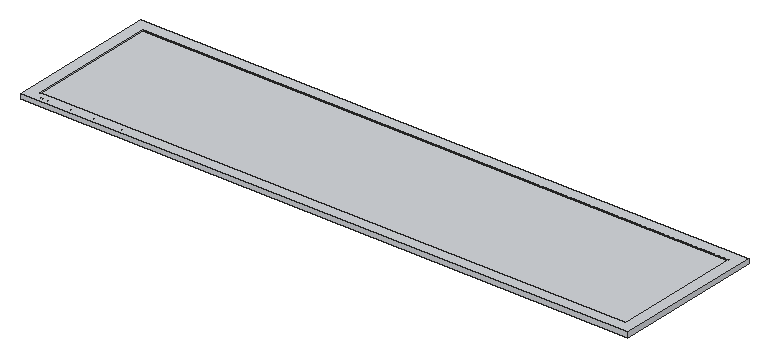
Revit family "0042395", category Lighting Fixtures, host Face, Revit 2017
Family settings
  Host = Face
  Round Connector Dimension = Use Diameter
  Part Type = Normal
  OmniClass Number = 23.80.70.00
  OmniClass Title = Lighting
  Cut with Voids When Loaded = No
  Light Source = Yes
  Shared = No
  Room Calculation Point = No
Parameters (values of type "0042395 ST PANEL UGR19 1200X300 3800LM 840 SSA")
  Weight = "4.59 kg"
  Wattage Comments = ""
  Wattage = 36 W
  WarrantyStartDate [instance] = "n/a"
  WarrantyGuarantorParts = "n/a"
  WarrantyDurationUnit = "n/a"
  WarrantyDurationParts = "n/a"
  WarrantyDescription = "n/a"
  WIDTH_SYL = 147.5 mm
  built-in parameter 1150110 = 1 (stored number, unit not read)
  Voltage = 0 V
  URL = "http://www.sylvania-lighting.com"
  TypeName = "START Panel UGR19 1200x300 3800Lm 840 SSA"
  Type Image = <None>
  Type Comments = "n/a"
  built-in parameter 1114217 = 1 (stored number, unit not read)
  Tilt Angle = -90.00°
  built-in parameter 1150109 = 1 (stored number, unit not read)
  built-in parameter 1150134 = 12
  TOP__WIDTH_SYL = 545 mm
  TOP_WIDTH_SYL = 265 mm
  TOP_DEPTH_SYL = 95 mm
  built-in parameter 1150113 = 1 (stored number, unit not read)
  SerialNumber [instance] = "n/a"
  Photometric Web File = "0042395.ies"
  Material_3_SYL = none
  PowerFactor = 0.95
  PowerConsumption = "36 W"
  NominalLength = 1195 mm
  NominalHeight = 35 mm
  NominalDepth = 295 mm
  Name = "START Panel UGR19 1200x300 3800Lm 840 SSA"
  ModelReference = Name  # "START Panel UGR19 1200x300 3800Lm 840 SSA"
  ModelNumber = "0042395"
  Model = Name  # "START Panel UGR19 1200x300 3800Lm 840 SSA"
  Material = "aluminium,steel housing, other diffuser"
  ManufacturerName = "Feilo Sylvania"
  Manufacturer = "Feilo Sylvania"
  MAINHEIGHT_SYL = 63 mm
  LuminousEfficacy = "106 lm/W"
  built-in parameter 1150105 = 303.67 (stored number, unit not read)
  Lumens = 3816 lm
  LuminaireType = ""
  built-in parameter 1150115 = 1 (stored number, unit not read)
  LightOutputRatio = "n/a"
  built-in parameter 1150137 = (empty or 0)
  built-in parameter 1150139 = (empty or 0)
  LampsType = Lamp  # "LED"
  LampNominalLuminous = "3800 lm"
  LampMacAdamStep = "6"
  LampColourTemperature = "4000 K"
  LampColourRenderingIndex = "80"
  built-in parameter 1150112 = 1 (stored number, unit not read)
  built-in parameter 1150114 = 1 (stored number, unit not read)
  Lamp = "LED"
  LUMWIDTH_SYL = 576.5 mm
  LUMDEPTH_SYL = 126.5 mm
  Keynote = "16500"
  InstallationDate [instance] = "n/a"
  InputVoltage = "n/a"
  InputNominalFrequency = "n/a"
  built-in parameter 1150132 = (empty or 0)
  built-in parameter 1150102 = (empty or 0)
  built-in parameter 1150107 = 4000 (stored number, unit not read)
  built-in parameter 1150138 = (empty or 0)
  IngressProtection = "IP40/20"
  ImpactProtectionIndex = "IK03"
  built-in parameter 1150106 = 3.0367 (stored number, unit not read)
  IfcExportType = "IfcLightFixtureType"
  IfcExportAs = "IfcLightFixtureType"
  HEIGHT_SYL = 33 mm
  HEIGHTBOTT_SYL = 7 mm
  Emit from Circle Diameter = 609.6 mm
  Emit Shape Visible in Rendering = no
  ElectricShockClassification = "Class II"
  built-in parameter 1150104 = 9.8477 (stored number, unit not read)
  DocumentationLiterature = "http://www.sylvania-lighting.com/product/en-int/products/0042395"
  DimmingControlOptions = "n/a"
  Material_2_SYL = none
  Dimming Lamp Color Temperature Shift = <None>
  Description = "START Panel is a range of backlit LED panels used in recessed ceilings. Ideal for general indoor appliactions such as corridors, breakrooms, offices and meeting rooms. Luminaire dimensions are compatible with common ceiling installation, and the shallow design makes it easy to install in low ceilings. 3800Lm; 36W; 106Lm/W; Drive current: 750mA; Average life: 50000Hrs; 4000K; CRI 80; Glare control <19; IK03; IP40 (from the front); SDCM<3; Class II; SylSmart SSA enabled."
  Default Elevation = 1219.2 mm
  DEPTH_SYL = 597.5 mm
  CreatedOn = "9/9/2020"
  CreatedBy = "@sylvania-lighting.com"
  Cost = 0
  Color Filter = 16777215
  built-in parameter 1114216 [instance] = (empty or 0)
  ClassificationValue = "EF_70_80"
  ClassificationName = "Uniclass2015"
  Material_1_SYL = none
  BarCode [instance] = "n/a"
  built-in parameter 1114218 = 1 (stored number, unit not read)
  BOX_WIDTH_SYL = 40 mm
  built-in parameter 1150133 = 10 (stored number, unit not read)
  AssetType = "Fixed"
  AssetIdentifier [instance] = "n/a"
  Assembly Code = "D5020200"
  Apparent Load = 36 VA
  Material_4_SYL = none
  -LUMDEPTH_SYL = LUMDEPTH_SYL * (-1)  # -126.5 mm
  -BOX_WIDTH_SYL = BOX_WIDTH_SYL * (-1)  # -40 mm
Types (2, lengths in mm): name | TypeName | built-in parameter 1150134 | Photometric Web File | Name | ModelReference | ModelNumber | Model | LuminousEfficacy | built-in parameter 1150105 | Lumens | LampNominalLuminous | LampColourTemperature | built-in parameter 1150107 | built-in parameter 1150106 | built-in parameter 1150104 | DocumentationLiterature | Description
  0042394 ST PANEL UGR19 1200X300 3600LM 830 SSA | "START Panel UGR19 1200x300 3600Lm 830 SSA" | (empty or 0) | "0042394.ies" | "START Panel UGR19 1200x300 3600Lm 830 SSA" | "START Panel UGR19 1200x300 3600Lm 830 SSA" | "0042394" | "START Panel UGR19 1200x300 3600Lm 830 SSA" | "100 lm/W" | 286.48 (stored number, unit not read) | 3600 lm | "3600 lm" | "3000 K" | 3000 (stored number, unit not read) | 2.8648 (stored number, unit not read) | 9.2903 (stored number, unit not read) | "http://www.sylvania-lighting.com/product/en-int/products/0042394" | "START Panel is a range of backlit LED panels used in recessed ceilings. Ideal for general indoor appliactions such as corridors, breakrooms, offices and meeting rooms. Luminaire dimensions are compatible with common ceiling installation, and the shallow design makes it easy to install in low ceilings. 3600Lm; 36W; 100Lm/W; Drive current: 750mA; Average life: 50000Hrs; 3000K; CRI 80; Glare control <19; IK03; IP40 (from the front); SDCM<3; Class II; SylSmart SSA enabled."
  0042395 ST PANEL UGR19 1200X300 3800LM 840 SSA | "START Panel UGR19 1200x300 3800Lm 840 SSA" | 12 | "0042395.ies" | "START Panel UGR19 1200x300 3800Lm 840 SSA" | "START Panel UGR19 1200x300 3800Lm 840 SSA" | "0042395" | "START Panel UGR19 1200x300 3800Lm 840 SSA" | "106 lm/W" | 303.67 (stored number, unit not read) | 3816 lm | "3800 lm" | "4000 K" | 4000 (stored number, unit not read) | 3.0367 (stored number, unit not read) | 9.8477 (stored number, unit not read) | "http://www.sylvania-lighting.com/product/en-int/products/0042395" | "START Panel is a range of backlit LED panels used in recessed ceilings. Ideal for general indoor appliactions such as corridors, breakrooms, offices and meeting rooms. Luminaire dimensions are compatible with common ceiling installation, and the shallow design makes it easy to install in low ceilings. 3800Lm; 36W; 106Lm/W; Drive current: 750mA; Average life: 50000Hrs; 4000K; CRI 80; Glare control <19; IK03; IP40 (from the front); SDCM<3; Class II; SylSmart SSA enabled."
Reference planes
  plane 1 "Center (Front/Back)": y = 0
  plane 2: z = 0
  plane 3 "Center (Left/Right)": x = 0
  plane 4: z = -33
  plane 5: z = -7
  plane 6: z = -63
  plane 7: x = 597.5
  plane 8: x = -597.5
  plane 9: y = 147.5
  plane 10: y = -147.5
  plane 11: x = 576.5
  plane 12: x = -576.5
  plane 13: y = -126.5
  plane 14: y = 126.5
  plane 15: y = -265
  plane 16: y = 265
  plane 17: x = -40
  plane 18: x = 40
  plane 19: x = 0
  plane 20: x = -545
  plane 21: x = 545
  plane 22: y = -95
  plane 23: y = 95
Forms (mm)
  Extrusion 1, solid
    sketch origin (0, 0, 0) x (1, 0, 0) y (0, 1, 0)
      loop
        line (-597.5, 147.5) -> (-597.5, -147.5) -> (597.5, -147.5) -> (597.5, 147.5) -> (-597.5, 147.5)
    from -7 to 2
  Extrusion 2, void
    sketch origin (0, 0, 0) x (1, 0, 0) y (0, 1, 0)
      loop
        line (-576.5, 126.5) -> (-576.5, -126.5) -> (576.5, -126.5) -> (576.5, 126.5) -> (-576.5, 126.5)
    from 0 to 2
  Extrusion 3, solid
    sketch origin (0, 0, 0) x (1, 0, 0) y (0, 0, 1)
      loop
        line (-40, -33) -> (-40, -63) -> (40, -63) -> (40, -33) -> (-40, -33)
    from -40 <- "-BOX_WIDTH_SYL" to 40 <- "BOX_WIDTH_SYL"
  Extrusion 4, solid
    sketch origin (0, 0, 0) x (1, 0, 0) y (0, 0, 1)
      loop
        line (-576.5, -7) -> (-545, -33) -> (545, -33) -> (576.5, -7) -> (-576.5, -7)
    from -126.5 <- "-LUMDEPTH_SYL" to 126.5 <- "LUMDEPTH_SYL"
  Extrusion 5, void
    sketch origin (319, 1524, 1219.2) x (0, 1, 0) y (0, 0, 1)
      loop
        line (-1397.5, -1226.2) -> (-1429, -1252.2) -> (-1397.5, -1252.2) -> (-1397.5, -1226.2)
      loop
        line (-1650.5, -1226.2) -> (-1650.5, -1252.2) -> (-1619, -1252.2) -> (-1650.5, -1226.2)
    from -1000 to 1000
Cuts and joins
  Extrusion 2 cuts Extrusion 1
  Extrusion 5 cuts Extrusion 4
  joined: Extrusion 1, Extrusion 3, Extrusion 4
Dimensions and locks
  "HEIGHT_SYL": host face to plane 4
  "HEIGHTBOTT_SYL": host face to plane 5
  "MAINHEIGHT_SYL": host face to plane 6
  "DEPTH_SYL": plane 8 to plane 3 "Center (Left/Right)" to plane 7
  "WIDTH_SYL": plane 10 to plane 1 "Center (Front/Back)" to plane 9
  "LUMWIDTH_SYL": plane 12 to plane 3 "Center (Left/Right)" to plane 11
  "LUMDEPTH_SYL": plane 13 to plane 1 "Center (Front/Back)" to plane 14
  "TOP_WIDTH_SYL": plane 16 to imposter light to plane 15
  "BOX_WIDTH_SYL": plane 17 to imposter light to plane 18
  "TOP__WIDTH_SYL": plane 20 to imposter light to plane 21
  "TOP_DEPTH_SYL": plane 23 to imposter light to plane 22
  aligned and locked: plane 2 to host face
  aligned and locked: level to host face
  aligned and locked: Extrusion 1 sketch curve to plane 9
  aligned and locked: plane 8 to Extrusion 1 sketch curve
  aligned and locked: Extrusion 1 sketch curve to plane 10
  aligned and locked: Extrusion 1 sketch curve to plane 7
  aligned and locked: plane 14 to Extrusion 2 sketch curve
  aligned and locked: plane 12 to Extrusion 2 sketch curve
  aligned and locked: Extrusion 2 sketch curve to plane 13
  aligned and locked: Extrusion 2 sketch curve to plane 11
  aligned and locked: plane 4 to Extrusion 3 sketch curve
  aligned and locked: Extrusion 3 sketch curve to plane 17
  aligned and locked: Extrusion 3 sketch curve to plane 6
  aligned and locked: plane 18 to Extrusion 3 sketch curve
Automatic sketch dimensions
  host sketch curve to host sketch curve = 2438.4 mm  (x2)
  Extrusion 4 sketch curve to plane 5 = 0 mm
  Extrusion 4 sketch curve to plane 12 = 0 mm
  Extrusion 4 sketch curve to plane 4 = 0 mm
  plane 20 to Extrusion 4 sketch curve = 0 mm
  plane 21 to Extrusion 4 sketch curve = 0 mm
  Extrusion 4 sketch curve to plane 11 = 0 mm
  Extrusion 5 sketch curve to plane 13 = 0 mm
  plane 4 to Extrusion 5 sketch curve = 0 mm  (x2)
  Extrusion 5 sketch curve to plane 22 = 0 mm
  Extrusion 5 sketch curve to plane 23 = 0 mm
  Extrusion 5 sketch curve to plane 14 = 0 mm
  plane 5 to Extrusion 5 sketch curve = 0 mm  (x2)
